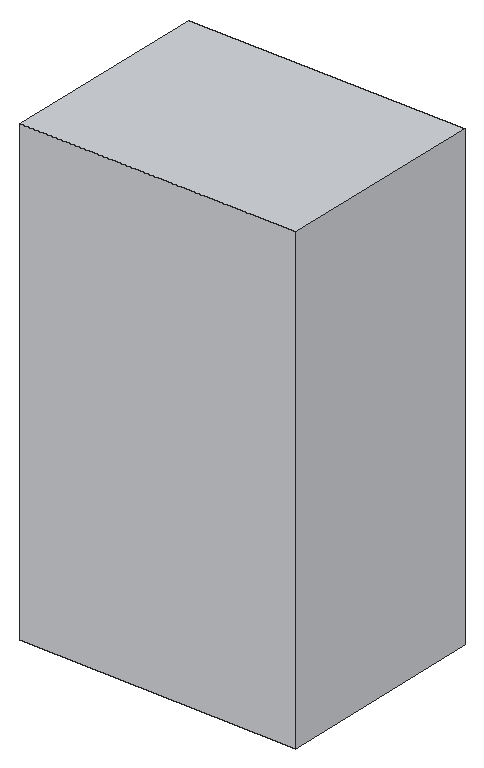
Revit family
Parameters
  Warranty Duration (Years) = 0
  Unit Width [instance] = 1' - 8 177/256"
  Unit Height [instance] = 0' - 9 99/256"
  Unit Depth = 0' - 0"
  URL = "http://www.americanspecialties.com/viewCategories.cfm"
  Trim Material = Metal - Stainless Steel
  Test Data = ""
  Specification = "http://www.arcat.com/sdspecs/htm/10810asi.htm"
  SpecWizard = ""
  Send Message = "http://www.arcat.com/users.pl?action=UserEmail&company=American%20Specialties,%20Inc.&coid=30448&rep=139&fax=914-476-0688&mf="
  Sales Information = "http://www.americanspecialties.com/contact"
  Revision = "R1_10-2010"
  Product Properties = "http://www.americanspecialties.com/datasheets/7335.pdf"
  Product Data = "http://www.arcat.com/arcatcos/cos30/arc30448.html"
  Model = "As Specified in 10 28 13"
  Manufacturer Website = "http://www.americanspecialties.com/viewCategories.cfm"
  Manufacturer Phone - Toll Free = ""
  Manufacturer Phone = "914-476-9000 "
  Manufacturer Fax = "914-476-0688"
  Manufacturer Address = "441 Saw Mill River Rd., Yonkers, NY 10701"
  Manufacturer = "American Specialties, Inc."
  Maintenance Schedule (Months) = 0
  Keynote = "10 28 13"
  Installation-Fabrication = "http://www.americanspecialties.com/products.cfm"
  Green Building-LEED = ""
  Expected Lifespan (Years) = 0
  Drawn By = "Robert S. Weygant. CSI, CDT, SCIP"  # constant formula
  Description = "Toilet Accessory as Specified in 10 28 13"
  Default Elevation = 4' - 0"
  Copyright = "©Arcat Inc."
  Construction Details = "http://www.arcat.com/green/clients/leed_data_30448.html"
  Building Codes = "http://www.americanspecialties.com/products.cfm"
  Body Material = Metal - Stainless Steel
  Assembly Code = "C1030210"
Reference planes (in)
  plane 1 "Center (Front/Back)": y = -0.29112
  plane 2 "Floor Line": z = 0
  plane 3 "Center (Left/Right)": x = -0.65843
Forms (in)
  Extrusion 1, solid
    sketch origin (-3, -9, -6) x (0, 0, -1) y (1, 0, 0)
      loop
        line (-82, 26) -> (-82, -19.34712) -> (-6, -19.34712) -> (-6, 26) -> (-82, 26)
    from 9 to -25.60721
  Extrusion 2, solid, material "Metal - Stainless Steel" <- "Body Material"
    sketch origin (0, 0.70888, 0) x (1, 0, 0) y (0, 0, 1)
      loop
        arc (-1.51, 0.4375) -> (-1.61496, 0.39402) -> (-1.65843, 0.28906) r 0.14844
        line (-1.65843, 0.28906) -> (-1.65843, 0) -> (0.34157, 0) -> (0.34157, 0.28906)
        arc (0.34157, 0.28906) -> (0.29809, 0.39402) -> (0.19313, 0.4375) r 0.14844
        line (0.19313, 0.4375) -> (-1.51, 0.4375)
    from 0 to 2
  Extrusion 3, solid, material "Metal - Stainless Steel" <- "Body Material"
    sketch origin (0, 0.08388, 0) x (1, 0, 0) y (0, 0, 1)
      loop
        arc (-2.53343, 4) -> (-2.71021, 3.92678) -> (-2.78343, 3.75) r 0.25
        line (-2.78343, 3.75) -> (-2.78343, 1.25)
        arc (-2.78343, 1.25) -> (-2.71021, 1.07322) -> (-2.53343, 1) r 0.25
        line (-2.53343, 1) -> (1.21657, 1)
        arc (1.21657, 1) -> (1.39334, 1.07322) -> (1.46657, 1.25) r 0.25
        line (1.46657, 1.25) -> (1.46657, 3.75)
        arc (1.46657, 3.75) -> (1.39334, 3.92678) -> (1.21657, 4) r 0.25
        line (1.21657, 4) -> (-2.53343, 4)
    from 0 to 0.375
  Extrusion 4, void
    sketch origin (0, 0.08388, 0) x (1, 0, 0) y (0, 0, 1)
      loop
        circle (-0.65843, 2.5) r 1.25
      loop
        arc (0.90578, 2.71215) -> (0.88013, 2.5) -> (0.90578, 2.28785) r 0.89038
        arc (0.90578, 2.28785) -> (1.02907, 2.25) -> (1.15236, 2.28785) r 0.21973
        arc (1.15236, 2.28785) -> (1.178, 2.5) -> (1.15236, 2.71215) r 0.89038
        arc (1.15236, 2.71215) -> (1.02907, 2.75) -> (0.90578, 2.71215) r 0.21973
      loop
        arc (0.50121, 3.57098) -> (0.60189, 3.38248) -> (0.74458, 3.22341) r 0.89038
        arc (0.74458, 3.22341) -> (0.86728, 3.26312) -> (0.94656, 3.36484) r 0.21973
        arc (0.94656, 3.36484) -> (0.84589, 3.55334) -> (0.7032, 3.71241) r 0.89038
        arc (0.7032, 3.71241) -> (0.58049, 3.6727) -> (0.50121, 3.57098) r 0.21973
      loop
        arc (0.50121, 1.42902) -> (0.58049, 1.3273) -> (0.7032, 1.28759) r 0.21973
        arc (0.7032, 1.28759) -> (0.84589, 1.44666) -> (0.94656, 1.63516) r 0.89038
        arc (0.94656, 1.63516) -> (0.86728, 1.73688) -> (0.74458, 1.77659) r 0.21973
        arc (0.74458, 1.77659) -> (0.60189, 1.61752) -> (0.50121, 1.42902) r 0.89038
      loop
        arc (-2.22264, 2.71215) -> (-2.34593, 2.75) -> (-2.46922, 2.71215) r 0.21973
        arc (-2.46922, 2.71215) -> (-2.49487, 2.5) -> (-2.46922, 2.28785) r 0.89038
        arc (-2.46922, 2.28785) -> (-2.34593, 2.25) -> (-2.22264, 2.28785) r 0.21973
        arc (-2.22264, 2.28785) -> (-2.197, 2.5) -> (-2.22264, 2.71215) r 0.89038
      loop
        arc (-1.81807, 3.57098) -> (-1.89736, 3.6727) -> (-2.02006, 3.71241) r 0.21973
        arc (-2.02006, 3.71241) -> (-2.16275, 3.55334) -> (-2.26343, 3.36484) r 0.89038
        arc (-2.26343, 3.36484) -> (-2.18415, 3.26312) -> (-2.06144, 3.22341) r 0.21973
        arc (-2.06144, 3.22341) -> (-1.91875, 3.38248) -> (-1.81807, 3.57098) r 0.89038
      loop
        arc (-1.81807, 1.42902) -> (-1.91875, 1.61752) -> (-2.06144, 1.77659) r 0.89038
        arc (-2.06144, 1.77659) -> (-2.18415, 1.73688) -> (-2.26343, 1.63516) r 0.21973
        arc (-2.26343, 1.63516) -> (-2.16275, 1.44666) -> (-2.02006, 1.28759) r 0.89038
        arc (-2.02006, 1.28759) -> (-1.89736, 1.3273) -> (-1.81807, 1.42902) r 0.21973
    from -0.44434 to 0.73814
  Extrusion 5, solid, material "Metal - Stainless Steel" <- "Body Material"
    sketch origin (0, 0, 0) x (1, 0, 0) y (0, 1, 0)
      loop
        line (-0.90843, -0.9093) -> (-0.40843, -0.9093) -> (-0.40843, -0.0413) -> (-0.90843, -0.0413) -> (-0.90843, -0.9093)
    from 0.4375 to 1.19163
  Sweep 6, void
    path origin (0, -0.29112, 0) x (1, 0, 0) y (0, 0, 1)
      loop
        arc (-2.53343, 4) -> (-2.71021, 3.92678) -> (-2.78343, 3.75) r 0.25
        line (-2.78343, 3.75) -> (-2.78343, 1.25)
        arc (-2.78343, 1.25) -> (-2.71021, 1.07322) -> (-2.53343, 1) r 0.25
        line (-2.53343, 1) -> (1.21657, 1)
        arc (1.21657, 1) -> (1.39334, 1.07322) -> (1.46657, 1.25) r 0.25
        line (1.46657, 1.25) -> (1.46657, 3.75)
        arc (1.46657, 3.75) -> (1.39334, 3.92678) -> (1.21657, 4) r 0.25
        line (1.21657, 4) -> (-2.53343, 4)
    profile origin (-0.65843, -0.29112, 4) x (0, 0, 1) y (0, -1, 0)
      loop
        arc (0, -0.3165) -> (-0.01713, -0.35787) -> (-0.0585, -0.375) r 0.0585
        line (-0.0585, -0.375) -> (0, -0.375) -> (0, -0.3165)
Cuts and joins
  Extrusion 4, Sweep 6 cuts Extrusion 3
Lines and regions (in)
  model lines
    curve 1: line (-0.65843, 0.08388, 0) -> (-0.65843, -0.29112, 0)
Dimensions and locks (in)
  aligned and locked: Extrusion 1 to level
  aligned and locked: Extrusion 5 to Extrusion 2
